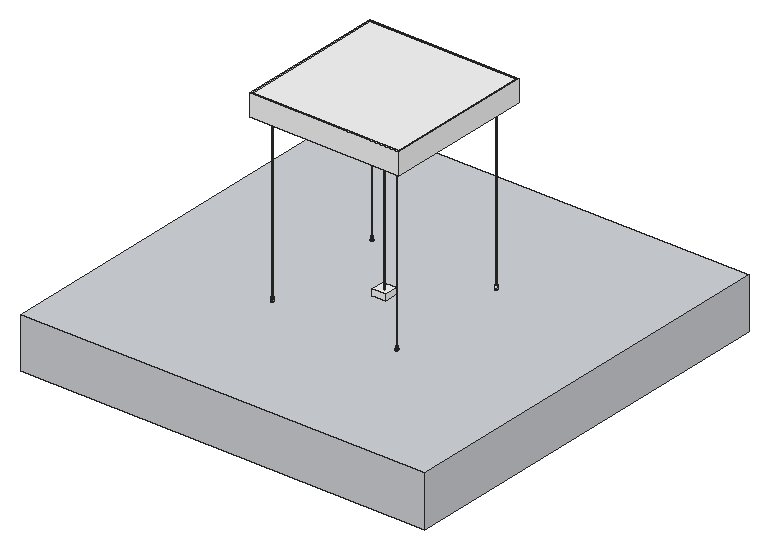
Revit family "en-halla-huge-square-suspendedrfa", category Осветительные приборы, Revit 2017
Family settings
  Основа = Грань
  Размер круглого соединителя = Использовать диаметр
  Тип детали = Нормальный
  Номер OmniClass = 23.80.70.11.11
  Заголовок OmniClass = General Luminaries, Non Directional
  При загрузке вырезать с полостями = Нет
  Источник света = Нет
  Общий = Нет
  Точка расчета площади = Нет
Parameters
  Suspension length [instance] = 1000 mm
  Light surface width = Lighting width - 2 * Shape thickness  # 886 mm
  Shape thickness = 7 mm  # constant formula
  Полная установленная мощность = Power input  # 48 VA
  Youtube clip = ""
  Weight Net (Kg) = "0"
  Изготовитель = "HALLA"  # constant formula
  Default Elevation = 0 mm
  Voltage = ""
  Uniclass 2.0 Description = "Luminaires And Lamps"
  Uniclass 2.0 Code = "PR-49"
  Uniclass 1.4 Description = "Luminaires and lamps"
  Uniclass 1.4 Code = "JY73"
  URL = "www.halla.cz"
  UNSPSC Code = "3911"
  Technical description = ""
  Switched on [instance] = yes
  Switched off [instance] = not(Switched on)  # no
  Source used = ""
  Source type = ""
  Shape of luminaire = ""
  Region South America = "All"
  Region Oceania = "All"
  Region North America = "All"
  Region Middle East = "All"
  Region Europe = "All"
  Region Asia = "All"
  Region Antarctica = "All"
  Region Africa = "All"
  QR code = "http://file-system.ru/catalog/zdaniya_i_sooruzheniya/interer/osveshchenie/halla_huge_square_svetilnik_podvesnoy/"
  Protection class = ""
  Product group = "HUGE"
  Product family = "Indoor Luminaires"
  Product code = ""
  Product certification = ""
  Product URL = ""
  Product SKU = "huge_square"
  Price (EUR) = 0
  Power input = 48 W
  Description = ""
  Optics type = ""
  Suspension distance from axis = Lighting length - 150 mm  # 750 mm
  Number of sources = 1
  Nominal width = "0.00"
  Nominal height = "129.00"
  NBS Reference Description = "Luminaires And Lamps"
  NBS Reference Code = "49"
  Material secondary = ""
  Material of luminaire = "Hliník"
  Material main = "Aluminium"
  Manufacturer name = "HALLA"
  Manufacturer country = "Czech Republic"
  Lighting width = 900 mm
  Lighting source distance [instance] = Lighting height + Real suspension length + 0.1 mm  # 1129.1 mm
  Lighting length = 900 mm
  Lighting height = 129 mm
  Lighting dimensions = ""
  LED source = yes
  Installation instructions = ""
  Installation instruction = ""
  Initial intensity = ""
  Initial colour = ""
  IP Code = ""
  IFC Classification = "Light Fixture"
  Frequency = ""
  Energy class = ""
  Electric potential = 230 V  # constant formula
  Код по классификатору = "D5020200"
  Edition number = "1"
  EAN code = ""
  EAN = ""
  Real suspension length [instance] = if(Suspension length > 2000 mm, 2000 mm, Suspension length)  # 1000 mm
  Lighting surface length = Lighting length - 2 * Shape thickness  # 886 mm
  Distribution = ""
  Designer = ""
  Design country = "Czech Republic"
  Depth = "0.00"
  Date of publishing = "2014-12-14"
  Data sheet = ""
  Control gear option = ""
  Colour of luminaire = Aluminium - white
  COBIe Type Category = ""
Reference planes
  plane 1 "Střed (vpředu/vzadu)": y = 0
  plane 2: z = 0
  plane 3 "Střed (vlevo/vpravo)": x = 0
  plane 4 "BP_Světlo spodní": z = 1000
  plane 5 "BP_Světlo horní": z = 1129
  plane 6 "BP_Zdroj světla": z = 1064.5
  plane 7: x = -450
  plane 8: x = 450
  plane 9: y = 450
  plane 10: y = -450
  plane 11: x = -390
  plane 12: x = 390
  plane 13: y = -390
  plane 14: y = 390
Forms (mm)
  Extrusion 1, solid
    sketch origin (0, 0, 0) x (1, 0, 0) y (0, 1, 0)
      loop
        line (-1219.2, 1219.2) -> (-1219.2, -1219.2) -> (1219.2, -1219.2) -> (1219.2, 1219.2) -> (-1219.2, 1219.2)
    from 0 to -304.8
  Extrusion 2, solid, material "Aluminium - white" <- "Colour of luminaire"
    sketch origin (0, 0, 1000) x (-1, 0, 0) y (0, -1, 0)
      loop
        line (450, -450) -> (450, 450) -> (-450, 450) -> (-450, -450) -> (450, -450)
      loop
        line (443, 443) -> (-443, 443) -> (-443, -443) -> (443, -443) -> (443, 443)
    from 0 to 129 <- "Lighting height"
  Extrusion 3, solid, material "Aluminium - white" <- "Colour of luminaire"
    sketch origin (0, 0, 1000) x (-1, 0, 0) y (0, -1, 0)
      loop
        line (443, -443) -> (443, 443) -> (-443, 443) -> (-443, -443) -> (443, -443)
    from 0 to 10
  Extrusion 4, solid, material "Diffuser - light switched on", visible <- "Switched off"
    sketch origin (0, 222.5, 1129) x (0, 1, 0) y (-1, 0, 0)
      loop
        line (220.5, 443) -> (-665.5, 443) -> (-665.5, -443) -> (220.5, -443) -> (220.5, 443)
    from -4 to 0
  Extrusion 5, solid, material "Diffuser - light switched off", visible <- "Switched on"
    sketch origin (0, 222.5, 1129) x (0, 1, 0) y (-1, 0, 0)
      loop
        line (220.5, 443) -> (-665.5, 443) -> (-665.5, -443) -> (220.5, -443) -> (220.5, 443)
    from -4 to 0
Cuts and joins
  joined: Extrusion 2, Extrusion 3
Dimensions and locks
  equal spacing: plane 5 "BP_Světlo horní", plane 6 "BP_Zdroj světla", plane 4 "BP_Světlo spodní"
  "Real suspension length": plane 4 "BP_Světlo spodní" to Extrusion 1
  "Lighting height": plane 5 "BP_Světlo horní" to plane 4 "BP_Světlo spodní"
  "Lighting width": plane 9 to plane 10
  "Lighting length": plane 7 to plane 8
  plane 9 to plane 14 = 60 mm
  plane 13 to plane 10 = 60 mm
  plane 12 to plane 8 = 60 mm
  plane 7 to plane 11 = 60 mm
  equal spacing: plane 7, plane 3 "Střed (vlevo/vpravo)", plane 8
  equal spacing: plane 9, plane 1 "Střed (vpředu/vzadu)", plane 10
  aligned and locked: plane 2 to Extrusion 1
  aligned and locked: level to Extrusion 1
Automatic sketch dimensions
  Extrusion 1 sketch curve to Extrusion 1 sketch curve = 2438.4 mm  (x2)
  Extrusion 2 sketch curve to plane 7 = 0 mm
  plane 7 to Extrusion 2 sketch curve = 7 mm
  Extrusion 2 sketch curve to plane 9 = 7 mm
  Extrusion 2 sketch curve to plane 8 = 7 mm
  plane 10 to Extrusion 2 sketch curve = 7 mm
  Extrusion 2 sketch curve to plane 9 = 0 mm
  Extrusion 2 sketch curve to plane 8 = 0 mm
  Extrusion 2 sketch curve to plane 10 = 0 mm
  Extrusion 3 sketch curve to plane 8 = 7 mm
  plane 7 to Extrusion 3 sketch curve = 7 mm
  Extrusion 3 sketch curve to plane 9 = 7 mm
  plane 10 to Extrusion 3 sketch curve = 7 mm
  plane 10 to Extrusion 4 sketch curve = 7 mm
  Extrusion 4 sketch curve to plane 9 = 7 mm
  Extrusion 4 sketch curve to plane 8 = 7 mm
  plane 7 to Extrusion 4 sketch curve = 7 mm
  plane 10 to Extrusion 5 sketch curve = 7 mm
  Extrusion 5 sketch curve to plane 9 = 7 mm
  Extrusion 5 sketch curve to plane 8 = 7 mm
  plane 7 to Extrusion 5 sketch curve = 7 mm
Nested families
  nested 1: "HUGE - source" at (0, 0, 1129.1), built-in parameter 1001364 <- "Lighting source distance", type "HUGE - source"
  nested 2: "HALLA accessory - wire suspension 2000mm, set of 4 pcs" at (-375, 375, 0), Délka zavěšení <- "Real suspension length", Odsazení zavěšení od osy Y <- "Suspension distance from axis", Odsazení zavěšení od osy X <- "Suspension distance from axis", type "13-0001, W - white"
    with Odsazení zavěšení od osy Y 750 mm, Odsazení zavěšení od osy X 750 mm, Délka zavěšení 1000 mm
Connectors
  electrical at (0, 8, 0), driven by "Electric potential", driven by "Полная установленная мощность"
    settings: on nested 2, index 1, voltage 230 V, apparent load 48 VA, apparent load phase1 0 VA, apparent load phase2 0 VA, apparent load phase3 0 VA, power factor 1, load classification "Osvětlení", number of poles 1, system type 30, power factor state 0, is connector primary yes, connector utility no, sub classification motor no, connector description ""
Definition of nested family "HALLA accessory - wire suspension 2000mm, set of 4 pcs"
  Parameters
    Manufacturer = "HALLA"  # constant formula
    Default Elevation = 0 mm
    URL = "http.//www.halla.cz"
    Description = ""
    Odsazení zavěšení od osy Y [instance] = 600 mm
    Odsazení zavěšení od osy X [instance] = 600 mm
    Model = ""
    Assembly Code = "D5020200"
    Keynote = ""
    Délka zavěšení [instance] = 600 mm
    Barva svítidla = none
  Reference planes
    plane 1 "Střed (vpředu/vzadu)": y = 0
    plane 2: z = 0
    plane 3 "Střed (vlevo/vpravo)": x = 0
    plane 4: z = 600
    plane 5: x = 300
    plane 6: y = -300
    plane 7: x = 600
    plane 8: y = -600
  Forms (mm)
    Extrusion 1, solid
      sketch origin (100, 0, 0) x (1, 0, 0) y (0, 1, 0)
        loop
          circle (-100, 0) r 0.991
      from 0 to 600 <- "Délka zavěšení"
    Revolve 2, solid, material <- "Barva svítidla"
      sketch origin (-300, 0, 0) x (1, 0, 0) y (0, 0, 1)
        loop
          line (300, 568.8) -> (300, 600) -> (295.494, 600) -> (295.494, 575.5) -> (298, 575.5) -> (298, 568.8) -> (300, 568.8)
        axis (300, 600) -> (300, 568.8)
      angle from 0 to 360
    Revolve 3, solid, material <- "Barva svítidla"
      sketch origin (100, 0, 0) x (1, 0, 0) y (0, 0, 1)
        loop
          line (-100, 0) -> (-100, 19.35) -> (-105.985, 19.35) -> (-105.985, 1.35) -> (-107.922, 1.35) -> (-107.922, 0) -> (-100, 0)
        axis (-100, 19.35) -> (-100, 0)
      angle from 0 to 360
    Extrusion 4, solid
      sketch origin (700, 0, 0) x (1, 0, 0) y (0, 1, 0)
        loop
          circle (-100, 0) r 0.991
      from 0 to 600 <- "Délka zavěšení"
    Revolve 5, solid, material <- "Barva svítidla"
      sketch origin (300, 0, 0) x (1, 0, 0) y (0, 0, 1)
        loop
          line (300, 568.8) -> (300, 600) -> (295.494, 600) -> (295.494, 575.5) -> (298, 575.5) -> (298, 568.8) -> (300, 568.8)
        axis (300, 600) -> (300, 568.8)
      angle from 0 to 360
    Revolve 6, solid, material <- "Barva svítidla"
      sketch origin (700, 0, 0) x (1, 0, 0) y (0, 0, 1)
        loop
          line (-100, 0) -> (-100, 19.35) -> (-105.985, 19.35) -> (-105.985, 1.35) -> (-107.922, 1.35) -> (-107.922, 0) -> (-100, 0)
        axis (-100, 19.35) -> (-100, 0)
      angle from 0 to 360
    Revolve 7, solid, material <- "Barva svítidla"
      sketch origin (0, 0, 0) x (0, 1, 0) y (0, 0, 1)
        loop
          line (-600, 19.35) -> (-600, 0) -> (-592.108, 0) -> (-592.108, 1.35) -> (-594.015, 1.35) -> (-594.015, 19.35) -> (-600, 19.35)
        axis (-600, 0) -> (-600, 19.35)
      angle from 0 to 360
    Revolve 8, solid, material <- "Barva svítidla"
      sketch origin (0, 0, 0) x (0, 1, 0) y (0, 0, 1)
        loop
          line (-600, 600) -> (-600, 568.8) -> (-598, 568.8) -> (-598, 575.5) -> (-595.494, 575.5) -> (-595.494, 600) -> (-600, 600)
        axis (-600, 568.8) -> (-600, 600)
      angle from 0 to 360
    Extrusion 9, solid
      sketch origin (0, 0, 0) x (1, 0, 0) y (0, 1, 0)
        loop
          circle (0, -600) r 1.018
      from 0 to 600 <- "Délka zavěšení"
    Revolve 10, solid, not visible
      sketch origin (0, 0, 0) x (0, 1, 0) y (0, 0, 1)
        loop
          line (-600, 19.35) -> (-600, 0) -> (-592.108, 0) -> (-592.108, 1.35) -> (-594.015, 1.35) -> (-594.015, 19.35) -> (-600, 19.35)
        axis (-600, 0) -> (-600, 19.35)
      angle from 0 to 360
    Revolve 11, solid, not visible
      sketch origin (0, 0, 0) x (0, 1, 0) y (0, 0, 1)
        loop
          line (-600, 600) -> (-600, 568.8) -> (-598, 568.8) -> (-598, 575.5) -> (-595.494, 575.5) -> (-595.494, 600) -> (-600, 600)
        axis (-600, 568.8) -> (-600, 600)
      angle from 0 to 360
    Extrusion 12, solid, not visible
      sketch origin (0, 0, 0) x (1, 0, 0) y (0, 1, 0)
        loop
          circle (0, -600) r 1.018
      from 0 to 600 <- "Délka zavěšení"
    Revolve 13, solid, material <- "Barva svítidla"
      sketch origin (600, 272.021, 1200) x (0, 1, 0) y (0, 0, 1)
        loop
          line (-872.021, -1180.65) -> (-872.021, -1200) -> (-864.129, -1200) -> (-864.129, -1198.65) -> (-866.036, -1198.65) -> (-866.036, -1180.65) -> (-872.021, -1180.65)
        axis (-872.021, -1200) -> (-872.021, -1180.65)
      angle from 0 to 360
    Revolve 14, solid, material <- "Barva svítidla"
      sketch origin (600, 272.021, 1200) x (0, 1, 0) y (0, 0, 1)
        loop
          line (-872.021, -600) -> (-872.021, -631.2) -> (-870.021, -631.2) -> (-870.021, -624.5) -> (-867.515, -624.5) -> (-867.515, -600) -> (-872.021, -600)
        axis (-872.021, -631.2) -> (-872.021, -600)
      angle from 0 to 360
    Extrusion 15, solid
      sketch origin (300, 0, 0) x (1, 0, 0) y (0, 1, 0)
        loop
          circle (300, -600) r 1.018
      from 0 to 600 <- "Délka zavěšení"
    Extrusion 16, solid, material <- "Barva svítidla"
      sketch origin (0, 0, 0) x (1, 0, 0) y (0, 1, 0)
        loop
          line (300, -260) -> (258.5, -260) -> (258.5, -340) -> (341.5, -340) -> (341.5, -260) -> (300, -260)
      from 0 to 35
    Extrusion 17, solid
      sketch origin (0, 0, 0) x (1, 0, 0) y (0, 1, 0)
        loop
          circle (300, -300) r 1.988
      from 0 to 600 <- "Délka zavěšení"
  Dimensions and locks
    "Délka zavěšení": plane 4 to level
    plane 5 to plane 3 "Střed (vlevo/vpravo)" = 300 mm
    equal spacing: plane 3 "Střed (vlevo/vpravo)", plane 5, plane 7
    equal spacing: plane 8, plane 6, plane 1 "Střed (vpředu/vzadu)"
    "Odsazení zavěšení od osy X": plane 8 to plane 1 "Střed (vpředu/vzadu)"
    "Odsazení zavěšení od osy Y": plane 3 "Střed (vlevo/vpravo)" to plane 7
    aligned and locked: level to plane 2
  Automatic sketch dimensions
    Revolve 11 sketch curve to Revolve 11 sketch curve = 4.506 mm
    Revolve 11 sketch curve to Revolve 11 sketch curve = 6.7 mm
    Revolve 10 sketch curve to Revolve 10 sketch curve = 1.906 mm
    Revolve 10 sketch curve to Revolve 10 sketch curve = 18 mm
    Revolve 10 sketch curve to Revolve 10 sketch curve = 5.985 mm
    Revolve 10 sketch curve to Revolve 10 sketch curve = 1.35 mm
    Revolve 10 sketch curve to Revolve 10 sketch curve = 0 mm
    Revolve 10 sketch curve to Revolve 10 sketch curve = 304.8 mm
    Revolve 10 sketch curve to Revolve 10 sketch curve = 2419.05 mm
    Revolve 11 sketch curve to Revolve 11 sketch curve = 2.506 mm
    Revolve 11 sketch curve to Revolve 11 sketch curve = 24.5 mm
    Revolve 11 sketch curve to Revolve 11 sketch curve = 0 mm
    Revolve 11 sketch curve to Revolve 11 sketch curve = 873.6 mm
    Revolve 11 sketch curve to Revolve 11 sketch curve = 1838.4 mm
    plane 1 "Střed (vpředu/vzadu)" to Extrusion 1 sketch curve = 0 mm
    Extrusion 1 sketch curve to plane 3 "Střed (vlevo/vpravo)" = 0 mm
    Revolve 2 sketch curve to plane 4 = 0 mm
    Revolve 2 sketch curve to plane 3 "Střed (vlevo/vpravo)" = 0 mm  (x2)
    Revolve 2 sketch curve to plane 3 "Střed (vlevo/vpravo)" = 2 mm
    Revolve 2 sketch curve to Revolve 2 sketch curve = 4.506 mm
    Revolve 2 sketch curve to plane 4 = 24.5 mm
    Revolve 2 sketch curve to Revolve 2 sketch curve = 6.7 mm
    Revolve 2 sketch curve to level = 151.582 mm
    Revolve 2 sketch curve to Revolve 2 sketch curve = 388.304 mm
    Revolve 3 sketch curve to level = 0 mm
    Revolve 3 sketch curve to plane 3 "Střed (vlevo/vpravo)" = 0 mm  (x2)
    Revolve 3 sketch curve to Revolve 3 sketch curve = 5.985 mm
    Revolve 3 sketch curve to Revolve 3 sketch curve = 1.937 mm
    level to Revolve 3 sketch curve = 1.35 mm
    Revolve 3 sketch curve to Revolve 3 sketch curve = 18 mm
    Revolve 3 sketch curve to Revolve 3 sketch curve = 198.421 mm
    plane 4 to Revolve 3 sketch curve = 388.304 mm
    plane 1 "Střed (vpředu/vzadu)" to Extrusion 4 sketch curve = 0 mm
    Extrusion 4 sketch curve to plane 7 = 0 mm
    Revolve 5 sketch curve to plane 4 = 0 mm
    Revolve 5 sketch curve to plane 7 = 0 mm  (x2)
    Revolve 5 sketch curve to plane 7 = 2 mm
    Revolve 5 sketch curve to Revolve 5 sketch curve = 4.506 mm
    Revolve 5 sketch curve to plane 4 = 24.5 mm
    Revolve 5 sketch curve to Revolve 5 sketch curve = 6.7 mm
    Revolve 5 sketch curve to level = 151.582 mm
    Revolve 5 sketch curve to Revolve 5 sketch curve = 388.304 mm
    Revolve 6 sketch curve to level = 0 mm
    Revolve 6 sketch curve to plane 7 = 0 mm  (x2)
    Revolve 6 sketch curve to Revolve 6 sketch curve = 5.985 mm
    Revolve 6 sketch curve to Revolve 6 sketch curve = 1.937 mm
    level to Revolve 6 sketch curve = 1.35 mm
    Revolve 6 sketch curve to Revolve 6 sketch curve = 18 mm
    Revolve 6 sketch curve to level = 198.421 mm
    plane 4 to Revolve 6 sketch curve = 388.304 mm
    Revolve 7 sketch curve to plane 8 = 0 mm  (x2)
    Revolve 7 sketch curve to level = 0 mm
    Revolve 7 sketch curve to Revolve 7 sketch curve = 5.985 mm
    Revolve 7 sketch curve to Revolve 7 sketch curve = 1.906 mm
    level to Revolve 7 sketch curve = 1.35 mm
    Revolve 7 sketch curve to Revolve 7 sketch curve = 18 mm
    Revolve 7 sketch curve to Revolve 7 sketch curve = 304.8 mm
    plane 4 to Revolve 7 sketch curve = 1838.4 mm
    Revolve 8 sketch curve to plane 4 = 0 mm
    Revolve 8 sketch curve to plane 8 = 0 mm  (x2)
    plane 8 to Revolve 8 sketch curve = 2 mm
    Revolve 8 sketch curve to Revolve 8 sketch curve = 4.506 mm
    Revolve 8 sketch curve to plane 4 = 24.5 mm
    Revolve 8 sketch curve to Revolve 8 sketch curve = 6.7 mm
    Revolve 8 sketch curve to level = 304.8 mm
    Revolve 8 sketch curve to Revolve 8 sketch curve = 1838.4 mm
    Extrusion 9 sketch curve to plane 3 "Střed (vlevo/vpravo)" = 0 mm
    Extrusion 9 sketch curve to plane 8 = 0 mm
    Extrusion 15 sketch curve to plane 7 = 0 mm
    Extrusion 15 sketch curve to plane 8 = 0 mm
    Revolve 14 sketch curve to plane 4 = 0 mm
    Revolve 14 sketch curve to plane 8 = 0 mm  (x2)
    plane 8 to Revolve 14 sketch curve = 2 mm
    Revolve 14 sketch curve to Revolve 14 sketch curve = 4.506 mm
    Revolve 14 sketch curve to plane 4 = 24.5 mm
    Revolve 14 sketch curve to Revolve 14 sketch curve = 6.7 mm
    Revolve 14 sketch curve to level = 304.8 mm
    Revolve 14 sketch curve to Revolve 14 sketch curve = 1838.4 mm
    Revolve 13 sketch curve to plane 8 = 0 mm  (x2)
    Revolve 13 sketch curve to level = 0 mm
    Revolve 13 sketch curve to Revolve 13 sketch curve = 5.985 mm
    Revolve 13 sketch curve to Revolve 13 sketch curve = 1.906 mm
    level to Revolve 13 sketch curve = 1.35 mm
    Revolve 13 sketch curve to Revolve 13 sketch curve = 18 mm
    Revolve 13 sketch curve to Revolve 13 sketch curve = 304.8 mm
    plane 4 to Revolve 13 sketch curve = 1838.4 mm
    Extrusion 16 sketch curve to plane 5 = 0 mm
    Extrusion 16 sketch curve to plane 5 = 41.5 mm
    plane 5 to Extrusion 16 sketch curve = 41.5 mm
    Extrusion 16 sketch curve to plane 6 = 40 mm
    plane 6 to Extrusion 16 sketch curve = 40 mm
    Extrusion 17 sketch curve to plane 5 = 0 mm
    Extrusion 17 sketch curve to plane 6 = 0 mm
    radius of Extrusion 12 sketch curve = 1.018 mm
    radius of Extrusion 1 sketch curve = 0.991 mm
    radius of Extrusion 4 sketch curve = 0.991 mm
    radius of Extrusion 9 sketch curve = 1.018 mm
    radius of Extrusion 15 sketch curve = 1.018 mm
    radius of Extrusion 17 sketch curve = 1.988 mm
Definition of nested family "HUGE - source"
  Parameters
    built-in parameter 1150104 = 13.8 (stored number, unit not read)
    Tilt Angle = -90.00°
    built-in parameter 1150112 = 1 (stored number, unit not read)
    built-in parameter 1114218 = 1 (stored number, unit not read)
    built-in parameter 1150109 = 1 (stored number, unit not read)
    built-in parameter 1150110 = 1 (stored number, unit not read)
    built-in parameter 1150133 = 10 (stored number, unit not read)
    built-in parameter 1150134 = 12
    Lumens = 1200 lm
    Photometric Web File = "HUGE 14-200K-6021E.ies"
    Wattage = 8.07853 W
    built-in parameter 1150107 = 4000 (stored number, unit not read)
    built-in parameter 1150102 = (empty or 0)
    built-in parameter 1150138 = (empty or 0)
    Dimming Lamp Color Temperature Shift = (empty or 0)
    built-in parameter 1150114 = 1 (stored number, unit not read)
    built-in parameter 1150115 = 1 (stored number, unit not read)
    built-in parameter 1150106 = 0.95493 (stored number, unit not read)
    built-in parameter 1150137 = (empty or 0)
    built-in parameter 1150132 = 2
    built-in parameter 1150105 = 95.493 (stored number, unit not read)
    built-in parameter 1150139 = (empty or 0)
    built-in parameter 1150113 = 1 (stored number, unit not read)
    Emit from Rectangle Width = 609.6 mm
    Emit from Rectangle Length = 1219.2 mm
    Emit Shape Visible in Rendering = no
    built-in parameter 1114217 = 1 (stored number, unit not read)
    Color Filter = 16777215
  Reference planes
    plane 1 "Střed (vpředu/vzadu)": y = 0
    plane 2: z = 0
    plane 3 "Střed (vlevo/vpravo)": x = 0
  Lines and regions (mm)
    model lines, not visible
      curve 1: line (0, 0, 0) -> (0, 540, 0)
      curve 2: line (0, 0, 0) -> (420, 0, 0)
  Dimensions and locks
    aligned and locked: level to plane 2
